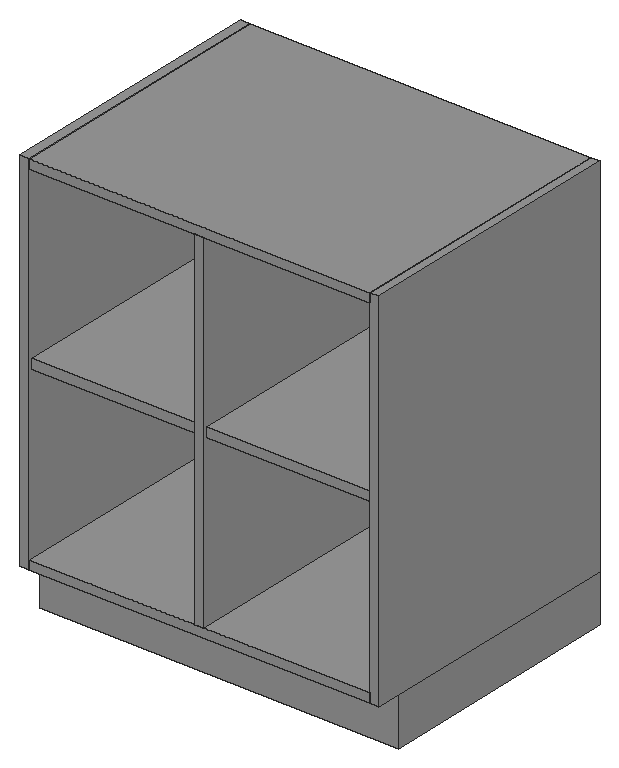
Revit family "TMI - B1060 - Base_Open1", category Casework, Revit 2016
Family settings
  OmniClass Number = 23.40.35.14.11
  OmniClass Title = Modular Casework
  Work Plane-Based = No
  Always vertical = Yes
  Cut with Voids When Loaded = No
  Shared = No
  Room Calculation Point = No
Parameters (values of type "30" x 36" x 23"")
  Vertical [instance] = yes
  URL = "www.tmisystems.com"
  Two Shelves [instance] = Shelf Quantity = 2  # no
  Toe Kick Height = 4"
  Toe Kick Depth = 2"
  Three Shelves [instance] = Shelf Quantity = 3  # no
  Shelf Thickness = 3/4"
  Shelf Quantity [instance] = 1
  One Vertical [instance] = Vertical  # yes
  One Shelf [instance] = Shelf Quantity = 1  # yes
  Model = "B1060"
  Manufacturer = "TMI Systems Corporation"
  Interior Finish = none
  Filler Width (Left) [instance] = 3"
  Filler Right [instance] = no
  Filler Left [instance] = no
  Filler Width (Right) [instance] = 3"
  Description = "Base, Open, Adj. Shelf"
  Depth = 23"
  Height = Countertop Height - Countertop Thickness  # 34 3/4"
  Width = 30"
  Countertop Thickness = 1 1/4"
  Countertop Height = 36"
  Casework Thickness = 3/4"
  Casework Back Thickness = 1/4"
  Cabinet Finish = Plastic Laminate
  Assembly Code = ""
Types (9): name | Manufacturer | Width
  24" x 36" x 23" | "TMI Systems Corporation" | 24"
  27" x 36" x 23" | "TMI Systems Corporation" | 27"
  30" x 36" x 23" | "TMI Systems Corporation" | 30"
  33" x 36" x 23" | "TMI Systems Corporation" | 33"
  36" x 36" x 23" | "TMI Systems Corporation" | 36"
  39" x 36" x 23" | "TMI Systems" | 39"
  42" x 36" x 23" | "TMI Systems Corporation" | 42"
  45" x 36" x 23" | "TMI Systems Corporation" | 45"
  48" x 36" x 23" | "TMI Systems Corporation" | 48"
Reference planes (in)
  plane 1 "Back": y = -1
  plane 2: z = 0
  plane 3 "Center (Left/Right)": x = 0.7377
  plane 4 "Left": x = -14.2623
  plane 5 "Right": x = 15.7377
  plane 6 "Front": y = -24
  plane 7 "Top": z = 34.75
  plane 8: y = -2
  plane 9: x = -13.5123
  plane 10: x = 14.9877
  plane 11: z = 34
  plane 12: x = -17.2623
  plane 13: x = 18.7377
  plane 14: y = -1.75
  plane 15: y = -22
  plane 16: z = 4
  plane 17: z = 4.75
  plane 18: z = 8.75
  plane 19: z = 30
  plane 20: x = 0.3627
  plane 21: x = 1.1127
  plane 22: z = 19
  plane 23: z = 27.25
  plane 24: z = 11.5
  plane 25: z = 12.25
  plane 26: z = 19.75
  plane 27: z = 26.5
  plane 28: z = 24.75
  plane 29: z = 14.75
  plane 30: z = 14
  plane 31: z = 24
  plane 32: y = -23.875
  plane 33: y = -22.875
  plane 34: y = -21.25
  plane 35: y = -23.25
Forms (in)
  Extrusion 1, solid, material "Plastic Laminate" <- "Cabinet Finish"
    sketch origin (0, 0.21844, 0) x (1, 0, 0) y (0, 1, 0)
      loop
        line (-14.2623, -1.21844) -> (-14.2623, -24.21844) -> (-13.5123, -24.21844) -> (-13.5123, -1.21844) -> (-14.2623, -1.21844)
      loop
        line (14.9877, -1.21844) -> (14.9877, -24.21844) -> (15.7377, -24.21844) -> (15.7377, -1.21844) -> (14.9877, -1.21844)
    from 4 to 34.75
  Extrusion 2, solid, material "Plastic Laminate" <- "Cabinet Finish"
    sketch origin (0.05747, 11.94613, 0) x (1, 0, 0) y (0, 0, 1)
      loop
        line (-13.56976, 4.75) -> (-13.56976, 4) -> (14.93024, 4) -> (14.93024, 4.75) -> (-13.56976, 4.75)
      loop
        line (-13.56976, 34.75) -> (-13.56976, 34) -> (14.93024, 34) -> (14.93024, 34.75) -> (-13.56976, 34.75)
    from 12.94613 to 35.94613
  Extrusion 3, solid, material "Plastic Laminate" <- "Cabinet Finish"
    sketch origin (0, 0, 0) x (1, 0, 0) y (0, 1, 0)
      loop
        line (-13.5123, -1.75) -> (-13.5123, -2) -> (14.9877, -2) -> (14.9877, -1.75) -> (-13.5123, -1.75)
    from 34.379 to 4.37931
  Extrusion 4, solid, material "Plastic Laminate" <- "Cabinet Finish", visible <- "Filler Right"
    sketch origin (0, -24, 0) x (1, 0, 0) y (0, 0, 1)
      loop
        line (15.7377, 34.75) -> (15.7377, 4) -> (18.7377, 4) -> (18.7377, 34.75) -> (15.7377, 34.75)
    from -0.75 to 0
  Extrusion 5, solid, material "Plastic Laminate" <- "Cabinet Finish", visible <- "Filler Left"
    sketch origin (0, -24, 0) x (1, 0, 0) y (0, 0, 1)
      loop
        line (-17.2623, 34.75) -> (-17.2623, 4) -> (-14.2623, 4) -> (-14.2623, 34.75) -> (-17.2623, 34.75)
    from -0.75 to 0
  Extrusion 6, solid, material "Wood"
    sketch origin (-14.2623, 0, 0) x (0, -1, 0) y (0, 0, 1)
      loop
        line (1, 34) -> (1, 30) -> (1.75, 30) -> (1.75, 34) -> (1, 34)
      loop
        line (1, 8.75) -> (1, 4.75) -> (1.75, 4.75) -> (1.75, 8.75) -> (1, 8.75)
    from -29.25 to -0.75
  Extrusion 7, solid, material "Wood"
    sketch origin (0, 0, 0) x (1, 0, 0) y (0, 0, 1)
      loop
        line (15.7377, 4) -> (-14.2623, 4) -> (-14.2623, 0) -> (15.7377, 0) -> (15.7377, 4)
    from 1 to 22
  Extrusion 8, solid, material "Wood", visible <- "Filler Right"
    sketch origin (0, 0, 0) x (1, 0, 0) y (0, 0, 1)
      loop
        line (18.7377, 4) -> (15.7377, 4) -> (15.7377, 0) -> (18.7377, 0) -> (18.7377, 4)
    from 21.25 to 22
  Extrusion 9, solid, material "Wood", visible <- "Filler Left"
    sketch origin (0, 0, 0) x (1, 0, 0) y (0, 0, 1)
      loop
        line (-14.2623, 4) -> (-17.2623, 4) -> (-17.2623, 0) -> (-14.2623, 0) -> (-14.2623, 4)
    from 21.25 to 22
  Extrusion 10, solid, material "Plastic Laminate" <- "Cabinet Finish", visible <- "Three Shelves"
    sketch origin (0, -24, 0) x (1, 0, 0) y (0, 0, 1)
      loop
        line (-13.5123, 27.25) -> (-13.5123, 26.5) -> (14.9877, 26.5) -> (14.9877, 27.25) -> (-13.5123, 27.25)
      loop
        line (-13.5123, 19.75) -> (-13.5123, 19) -> (14.9877, 19) -> (14.9877, 19.75) -> (-13.5123, 19.75)
      loop
        line (-13.5123, 12.25) -> (-13.5123, 11.5) -> (14.9877, 11.5) -> (14.9877, 12.25) -> (-13.5123, 12.25)
    from -22 to -0.125
  Extrusion 11, solid, material "Plastic Laminate" <- "Cabinet Finish", visible <- "Two Shelves"
    sketch origin (0, -24, 0) x (1, 0, 0) y (0, 0, 1)
      loop
        line (-13.5123, 24.75) -> (-13.5123, 24) -> (14.9877, 24) -> (14.9877, 24.75) -> (-13.5123, 24.75)
      loop
        line (-13.5123, 14.75) -> (-13.5123, 14) -> (14.9877, 14) -> (14.9877, 14.75) -> (-13.5123, 14.75)
    from -22 to -0.125
  Extrusion 12, solid, material "Plastic Laminate" <- "Cabinet Finish", visible <- "One Shelf"
    sketch origin (0, -24, 0) x (1, 0, 0) y (0, 0, 1)
      loop
        line (-13.5123, 19.75) -> (-13.5123, 19) -> (14.9877, 19) -> (14.9877, 19.75) -> (-13.5123, 19.75)
    from -22 to -0.125
  Extrusion 13, solid, material "Plastic Laminate" <- "Cabinet Finish", visible <- "One Vertical"
    sketch origin (0, -1, 0) x (1, 0, 0) y (0, 0, 1)
      loop
        line (0.3627, 34) -> (0.3627, 4.75) -> (1.1127, 4.75) -> (1.1127, 34) -> (0.3627, 34)
    from 1 to 23
Lines and regions (in)
  Masking region 1
    outline origin (0, 0, 0) x (1, 0, 0) y (0, 1, 0)
      loop
        line (-14.2623, -1) -> (-14.2623, -24) -> (15.7377, -24) -> (15.7377, -1) -> (-14.2623, -1)
  Masking region 2, visible <- "Filler Left"
    outline origin (0, 0, 0) x (1, 0, 0) y (0, 1, 0)
      loop
        line (-17.2623, -21.25) -> (-17.2623, -24) -> (-14.2623, -24) -> (-14.2623, -21.25) -> (-17.2623, -21.25)
  Masking region 3, visible <- "Filler Right"
    outline origin (0, 0, 0) x (1, 0, 0) y (0, 1, 0)
      loop
        line (15.7377, -21.25) -> (15.7377, -24) -> (18.7377, -24) -> (18.7377, -21.25) -> (15.7377, -21.25)
  symbolic lines, style "CaseworkHiddenLines"
    curve 1: line (0.8002, -24, 0) -> (0.6752, -24, 0)
    curve 14: line (0.6752, -24, 4) -> (0.8002, -24, 4)
  symbolic lines, style "CaseworkHiddenLines", visible <- "Three Shelves"
    curve 2: line (-14.2623, -2, 12.25) -> (-14.2623, -23.125, 12.25)
    curve 3: line (-14.2623, -23.125, 11.5) -> (-14.2623, -2, 11.5)
    curve 4: line (-14.2623, -2.49447, 19.75) -> (-14.2623, -23.125, 19.75)
    curve 5: line (-14.2623, -23.125, 19) -> (-14.2623, -2, 19)
    curve 6: line (-14.2623, -2, 27.25) -> (-14.2623, -23.125, 27.25)
    curve 7: line (-14.2623, -23.125, 26.5) -> (-14.2623, -2, 26.5)
    curve 25: line (-14.2623, -2, 27.25) -> (-14.2623, -23.875, 27.25)
    curve 26: line (-14.2623, -23.875, 27.25) -> (-14.2623, -23.875, 26.5)
    curve 27: line (-14.2623, -23.875, 26.5) -> (-14.2623, -2, 26.5)
    curve 34: line (-14.2623, -2, 12.25) -> (-14.2623, -23.875, 12.25)
    curve 35: line (-14.2623, -23.875, 12.25) -> (-14.2623, -23.875, 11.5)
    curve 36: line (-14.2623, -23.875, 11.5) -> (-14.2623, -2, 11.5)
    curve 37: line (-14.2623, -2, 19.75) -> (-14.2623, -23.875, 19.75)
    curve 38: line (-14.2623, -23.875, 19.75) -> (-14.2623, -23.875, 19)
    curve 39: line (-14.2623, -23.875, 19) -> (-14.2623, -2, 19)
  symbolic lines, style "CaseworkHiddenLines", visible <- "Two Shelves"
    curve 8: line (-14.2623, -2, 14.75) -> (-14.2623, -23.125, 14.75)
    curve 9: line (-14.2623, -23.125, 14) -> (-14.2623, -2, 14)
    curve 10: line (-14.2623, -2, 24.75) -> (-14.2623, -23.125, 24.75)
    curve 11: line (-14.2623, -23.125, 24) -> (-14.2623, -2, 24)
    curve 28: line (-14.2623, -2, 24.75) -> (-14.2623, -23.875, 24.75)
    curve 29: line (-14.2623, -23.875, 24.75) -> (-14.2623, -23.875, 24)
    curve 30: line (-14.2623, -23.875, 24) -> (-14.2623, -2, 24)
    curve 31: line (-14.2623, -2, 14.75) -> (-14.2623, -23.875, 14.75)
    curve 32: line (-14.2623, -23.875, 14.75) -> (-14.2623, -23.875, 14)
    curve 33: line (-14.2623, -23.875, 14) -> (-14.2623, -2, 14)
  symbolic lines, style "CaseworkHiddenLines", visible <- "One Shelf"
    curve 12: line (-14.2623, -2, 19.75) -> (-14.2623, -23.125, 19.75)
    curve 13: line (-14.2623, -23.125, 19) -> (-14.2623, -2, 19)
    curve 40: line (-14.2623, -2, 19.75) -> (-14.2623, -23.875, 19.75)
    curve 41: line (-14.2623, -23.875, 19.75) -> (-14.2623, -23.875, 19)
    curve 42: line (-14.2623, -23.875, 19) -> (-14.2623, -2, 19)
  symbolic lines
    curve 15: line (-14.2623, -1, 34.75) -> (-14.2623, -24, 34.75)
    curve 16: line (-14.2623, -1, 34) -> (-14.2623, -1, 34.75)
    curve 17: line (-14.2623, -24, 34) -> (-14.2623, -2, 34)
    curve 18: line (-14.2623, -24, 34.75) -> (-14.2623, -24, 34)
    curve 19: line (-14.2623, -1, 4.75) -> (-14.2623, -1.75, 4.75)
    curve 20: line (-14.2623, -1, 4) -> (-14.2623, -1, 4.75)
    curve 21: line (-14.2623, -24, 4) -> (-14.2623, -1, 4)
    curve 22: line (-14.2623, -24, 4.75) -> (-14.2623, -24, 4)
    curve 23: line (-14.2623, -1.75, 34) -> (-14.2623, -1, 34)
    curve 24: line (-14.2623, -2, 4.75) -> (-14.2623, -24, 4.75)
Dimensions and locks (in)
  "Width": plane 4 "Left" to plane 5 "Right"
  equal spacing: plane 4 "Left", plane 3 "Center (Left/Right)", plane 5 "Right"  (x2)
  "Casework Thickness": plane 4 "Left" to plane 9
  "Casework Thickness": plane 10 to plane 5 "Right"
  "Casework Thickness": plane 7 "Top" to plane 11
  "Filler Width (Right)": plane 5 "Right" to plane 13
  "Filler Width (Left)": plane 12 to plane 4 "Left"
  "Shelf Thickness": curve 2 to curve 3
  "Shelf Thickness": curve 4 to curve 5
  "Shelf Thickness": curve 6 to curve 7
  "Shelf Thickness": curve 8 to curve 9
  "Shelf Thickness": curve 10 to curve 11
  "Shelf Thickness": curve 12 to curve 13
  "Depth": plane 6 "Front" to plane 1 "Back"
  "Casework Back Thickness": plane 14 to plane 8
  locked: plane 14 to plane 1 "Back" at 0.75
  "Toe Kick Height": plane 16 to level
  "Casework Thickness": plane 17 to plane 16
  "Height": plane 7 "Top" to level
  locked: plane 19 to plane 11 at 4
  locked: plane 17 to plane 18 at 4
  equal spacing: plane 17, curve 12, plane 7 "Top"
  equal spacing: plane 17, curve 8, curve 10, plane 7 "Top"
  equal spacing: plane 17, curve 2, curve 4, curve 6, plane 7 "Top"
  locked: plane 11 to Extrusion 3 at 0.379
  locked: plane 17 to Extrusion 3 at 0.37069
  "Toe Kick Depth": plane 6 "Front" to plane 15
  equal spacing: plane 21, plane 3 "Center (Left/Right)", plane 20
  "Casework Thickness": plane 21 to plane 20
  equal spacing: plane 7 "Top", plane 23, plane 26, plane 25, plane 17
  "Shelf Thickness": plane 23 to plane 27
  "Shelf Thickness": plane 26 to plane 22
  "Shelf Thickness": plane 25 to plane 24
  "Shelf Thickness": plane 28 to plane 31
  "Shelf Thickness": plane 29 to plane 30
  equal spacing: plane 7 "Top", plane 28, plane 29, plane 17
  plane 6 "Front" to plane 32 = 1/8"
  plane 4 "Left" to plane 5 "Right" = 30"
  locked: plane 6 "Front" to plane 35 at 0.75
  locked: plane 34 to plane 15 at 0.75
  aligned and locked: plane 2 to level
  aligned and locked: Extrusion 1 sketch curve to plane 4 "Left"
  aligned and locked: Extrusion 1 sketch curve to plane 9
  aligned and locked: Extrusion 1 sketch curve to plane 10
  aligned and locked: plane 5 "Right" to Extrusion 1 sketch curve
  aligned and locked: plane 7 "Top" to Extrusion 2 sketch curve
  aligned and locked: Extrusion 2 sketch curve to plane 11
  aligned and locked: Extrusion 1 to plane 1 "Back"  (x2)
  aligned and locked: plane 10 to Extrusion 3 sketch curve
  aligned and locked: plane 9 to Extrusion 3 sketch curve
  aligned and locked: plane 8 to Extrusion 3 sketch curve
  aligned and locked: plane 7 "Top" to Extrusion 4 sketch curve
  aligned and locked: Extrusion 4 sketch curve to plane 13
  aligned and locked: Extrusion 4 sketch curve to plane 5 "Right"
  aligned and locked: plane 7 "Top" to Extrusion 5 sketch curve
  aligned and locked: plane 12 to Extrusion 5 sketch curve
  aligned and locked: plane 14 to Extrusion 3
  aligned and locked: plane 8 to curve 9
  aligned and locked: plane 8 to curve 8
  aligned and locked: plane 8 to curve 3
  aligned and locked: plane 8 to curve 2
  aligned and locked: plane 8 to curve 5
  aligned and locked: plane 8 to curve 10
  aligned and locked: plane 8 to curve 11
  aligned and locked: plane 14 to Extrusion 6 sketch curve  (x2)
  aligned and locked: plane 1 "Back" to Extrusion 6 sketch curve  (x2)
  aligned and locked: plane 11 to Extrusion 6 sketch curve
  aligned and locked: Extrusion 6 to plane 9
  aligned and locked: Extrusion 6 to plane 10
  aligned and locked: Extrusion 8 to Extrusion 7
  aligned and locked: Extrusion 9 to Extrusion 7
  aligned and locked: plane 16 to Extrusion 9
  aligned and locked: plane 16 to Extrusion 7
  aligned and locked: plane 16 to Extrusion 8
  aligned and locked: Extrusion 4 to plane 16
  aligned and locked: Extrusion 5 to plane 16
  aligned and locked: Extrusion 1 to plane 16
  aligned and locked: Extrusion 2 to plane 16
  aligned and locked: plane 17 to Extrusion 2
  aligned and locked: plane 19 to Extrusion 6
  aligned and locked: Extrusion 1 to Extrusion 2
  aligned and locked: Extrusion 7 to Extrusion 1
  aligned and locked: Extrusion 6 to plane 18
  aligned and locked: Extrusion 6 to plane 17
  aligned and locked: Masking region 1 sketch curve to plane 4 "Left"
  aligned and locked: plane 1 "Back" to Masking region 1 sketch curve
  aligned and locked: plane 5 "Right" to Masking region 1 sketch curve
  aligned and locked: Extrusion 1 to plane 7 "Top"
  aligned and locked: plane 1 "Back" to curve 20
  aligned and locked: curve 19 to plane 17
  aligned and locked: plane 16 to curve 21
  aligned and locked: plane 1 "Back" to curve 16
  aligned and locked: curve 17 to plane 11
  aligned and locked: plane 7 "Top" to curve 15
  aligned and locked: curve 23 to Extrusion 3
  aligned and locked: curve 24 to plane 17
  aligned and locked: Extrusion 8 to plane 15
  aligned and locked: plane 27 to Extrusion 10 sketch curve
  aligned and locked: Extrusion 10 sketch curve to plane 23
  aligned and locked: Extrusion 10 sketch curve to plane 25
  aligned and locked: Extrusion 10 sketch curve to plane 24
  aligned and locked: plane 22 to Extrusion 10 sketch curve
  aligned and locked: plane 26 to Extrusion 10 sketch curve
  aligned and locked: plane 9 to Extrusion 10 sketch curve
  aligned and locked: plane 10 to Extrusion 10 sketch curve  (x3)
  aligned and locked: plane 8 to Extrusion 10
  aligned and locked: Extrusion 11 sketch curve to plane 28
  aligned and locked: plane 31 to Extrusion 11 sketch curve
  aligned and locked: plane 30 to Extrusion 11 sketch curve
  aligned and locked: Extrusion 11 sketch curve to plane 29
  aligned and locked: plane 10 to Extrusion 11 sketch curve  (x2)
  aligned and locked: plane 8 to Extrusion 11
  aligned and locked: Extrusion 1 to Extrusion 10 sketch curve
  aligned and locked: Extrusion 10 sketch curve to plane 9
  aligned and locked: plane 9 to Extrusion 11 sketch curve  (x2)
  aligned and locked: plane 26 to Extrusion 12 sketch curve
  aligned and locked: plane 22 to Extrusion 12 sketch curve
  aligned and locked: plane 10 to Extrusion 12 sketch curve
  aligned and locked: plane 9 to Extrusion 12 sketch curve
  aligned and locked: plane 8 to Extrusion 12
  aligned and locked: plane 11 to Extrusion 13 sketch curve
  aligned and locked: plane 21 to Extrusion 13 sketch curve
  aligned and locked: plane 20 to Extrusion 13 sketch curve
  aligned and locked: plane 17 to Extrusion 13 sketch curve
  aligned and locked: plane 8 to Extrusion 13
  aligned and locked: plane 4 "Left" to Masking region 2 sketch curve
  aligned and locked: plane 12 to Masking region 2 sketch curve
  aligned and locked: Masking region 3 sketch curve to plane 5 "Right"
  aligned and locked: Masking region 3 sketch curve to plane 13
  aligned and locked: plane 6 "Front" to Extrusion 2
  aligned and locked: plane 6 "Front" to Extrusion 1  (x2)
  aligned and locked: Extrusion 10 to plane 32
  aligned and locked: Extrusion 11 to plane 32
  aligned and locked: Extrusion 12 to plane 32
  aligned and locked: plane 6 "Front" to Extrusion 13
  aligned and locked: plane 6 "Front" to Masking region 1
  aligned and locked: plane 6 "Front" to Extrusion 4
  aligned and locked: plane 6 "Front" to Extrusion 5
  aligned and locked: plane 26 to curve 40
  aligned and locked: plane 22 to curve 42
  aligned and locked: plane 8 to curve 25
  aligned and locked: plane 8 to curve 27
  aligned and locked: plane 8 to curve 28
  aligned and locked: plane 8 to curve 30
  aligned and locked: plane 8 to curve 37
  aligned and locked: plane 8 to curve 39
  aligned and locked: plane 8 to curve 31
  aligned and locked: plane 8 to curve 33
  aligned and locked: plane 8 to curve 34
  aligned and locked: plane 8 to curve 36
  aligned and locked: plane 8 to curve 40
  aligned and locked: plane 8 to curve 42
  aligned and locked: curve 25 to plane 23
  aligned and locked: plane 27 to curve 27
  aligned and locked: curve 28 to plane 28
  aligned and locked: plane 31 to curve 30
  aligned and locked: curve 37 to curve 40
  aligned and locked: curve 31 to plane 29
  aligned and locked: plane 30 to curve 33
  aligned and locked: curve 34 to plane 25
  aligned and locked: curve 36 to plane 24
  aligned and locked: plane 32 to curve 35
  aligned and locked: plane 32 to curve 32
  aligned and locked: plane 32 to curve 29
  aligned and locked: plane 32 to curve 26
  aligned and locked: plane 32 to curve 41
  aligned and locked: curve 18 to plane 6 "Front"
  aligned and locked: curve 22 to plane 6 "Front"
  aligned and locked: Extrusion 4 to plane 35
  aligned and locked: Extrusion 8 to plane 34
  aligned and locked: Masking region 3 to plane 34
  aligned and locked: Masking region 2 to plane 34
  aligned and locked: Extrusion 5 to plane 35
  aligned and locked: Extrusion 9 to plane 34
Automatic sketch dimensions
  curve 1 to level = 0"
  curve 14 to plane 16 = 0"
  curve 1 to plane 3 "Center (Left/Right)" = 1/16"
  curve 14 to plane 3 "Center (Left/Right)" = 1/16"
  plane 3 "Center (Left/Right)" to curve 14 = 1/16"
  plane 3 "Center (Left/Right)" to curve 1 = 1/16"
  plane 6 "Front" to Extrusion 1 sketch curve = 0"  (x2)
  plane 1 "Back" to Extrusion 1 sketch curve = 0"  (x2)
  Extrusion 2 sketch curve to plane 9 = 0"  (x2)
  plane 10 to Extrusion 2 sketch curve = 0"  (x2)
  Extrusion 2 sketch curve to plane 16 = 0"
  Extrusion 2 sketch curve to plane 17 = 0"
  Extrusion 3 sketch curve to plane 14 = 0"
  Extrusion 4 sketch curve to plane 16 = 0"
  plane 4 "Left" to Extrusion 5 sketch curve = 0"
  Extrusion 5 sketch curve to plane 16 = 0"
  Extrusion 6 sketch curve to plane 17 = 0"
  plane 18 to Extrusion 6 sketch curve = 0"
  plane 19 to Extrusion 6 sketch curve = 0"
  plane 4 "Left" to Extrusion 7 sketch curve = 0"
  Extrusion 7 sketch curve to level = 0"
  plane 5 "Right" to Extrusion 7 sketch curve = 0"
  Extrusion 7 sketch curve to plane 16 = 0"
  plane 5 "Right" to Extrusion 8 sketch curve = 0"
  Extrusion 8 sketch curve to level = 0"
  Extrusion 8 sketch curve to plane 13 = 0"
  Extrusion 8 sketch curve to plane 16 = 0"
  Extrusion 9 sketch curve to plane 12 = 0"
  Extrusion 9 sketch curve to level = 0"
  plane 4 "Left" to Extrusion 9 sketch curve = 0"
  Extrusion 9 sketch curve to plane 16 = 0"
  plane 6 "Front" to Masking region 1 sketch curve = 0"
  plane 6 "Front" to Masking region 2 sketch curve = 0"
  plane 6 "Front" to Masking region 3 sketch curve = 0"
  curve 19 to plane 14 = 0"
  curve 6 to plane 8 = 0"
  curve 17 to plane 8 = 0"
  curve 24 to plane 8 = 0"
  curve 12 to plane 8 = 0"
  curve 7 to plane 8 = 0"
  plane 11 to curve 16 = 0"
  curve 12 to curve 4 = 0.49447"
  plane 33 to curve 2 = 1/4"
  plane 33 to curve 11 = 1/4"
  plane 33 to curve 10 = 1/4"
  plane 33 to curve 3 = 1/4"
  plane 33 to curve 9 = 1/4"
  plane 33 to curve 12 = 1/4"
  plane 33 to curve 13 = 1/4"
  curve 4 to curve 12 = 0"
  plane 33 to curve 8 = 1/4"
  plane 33 to curve 7 = 1/4"
  plane 33 to curve 6 = 1/4"
  curve 5 to curve 13 = 0"
  plane 1 "Back" to Masking region 3 sketch curve = 20 1/4"
  plane 1 "Back" to Masking region 2 sketch curve = 20 1/4"
